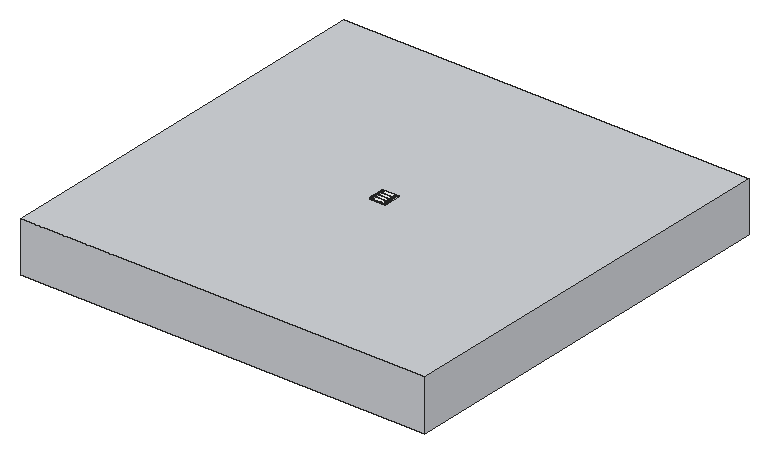
Revit family "Gira_5004028", category Elektroinstallationen, Revit 2017
Family settings
  Basisbauteil = Fläche
  Beschriftungsausrichtung beibehalten = Nein
  Bemaßung runder Anschluss = Durchmesser verwenden
  Teiletyp = Normal
  Beim Laden mit Abzugskörper schneiden = Nein
  Gemeinsam genutzt = Nein
  Raumberechnungspunkt = Nein
Parameters (values of type "KNX Tastsens.4 Komfort 4f TS4 Anthrazit")
  White = White
  Default Elevation = 1219.2 mm
  URL = "https://www.gira.de/"
  Typname = "KNX Tastsens.4 Komfort 4f TS4 Anthrazit"
  Type Comments = ""
  Transparent = no
  Schutzart (IP) = "IP21"
  Produktseite = "https://media.stage.bim.site/t/eyJhbGciOiJIUzI1NiIsInR5cCI6IkpXVCJ9.eyJjdCI6MiwidHUiOiJodHRwOi8va2F0YWxvZy5naXJhLmRlL2RlX0RFL2RhdGVuYmxhdHQuaHRtbD9hcnRpa2VsbnI9NTAwNDAyOCIsImNpZCI6IjMyNzdjYzIzLTgxYTktNGVlMy1hOTBhLWI0N2JiNGMwYjYxNiIsInJpZCI6ImYxZWJlY2I2YTI0MzRjNDhhZTdmMDgyNWMxNjE5MDg1IiwicGlkIjoiMjJjMTk0NDU1MjdkOWE5NTM1YTU5NDdkZmMwZDllNTVjODc4Mzg0YiIsInNpZCI6IjYzNDcwIiwidXQiOjEsImxjIjoiZGUiLCJpYXQiOjE2MDA5NDM2MjAsImlzcyI6Imh0dHBzOi8vYXBpLmxpdmUuYmltLnNpdGUiLCJzdWIiOiJhZG1pbkBiaW1zaXRlLmRldiJ9.MP55i6ylwc3g41xW2uZ3NxS1kLvMBrv25RpVkkjmdEk"
  Montageart = "Unterputz"
  Model = ""
  Mit Raumthermostat = no
  Mit LED-Anzeige = yes
  Mit Infrarotsensor = no
  Mit Display = no
  Mit Diebstahl-/Demontageschutz = yes
  Mit Busankopplung = yes
  Mit Beschriftungsfeld = no
  Kosten = 0
  Hersteller = "Gira"
  HeinzeBIM = "https://www.heinze.de/bim/knx-tastsens-4-komfort-4f-ts4-anthrazit/22c19445527d9a9535a5947dfc0d9e55c878384b"
  HAN = "5004028"
  GTIN = "4010337070849"
  Funk bidirektional = no
  Farbe = "anthrazit"
  Datenblatt 1 = "https://media.stage.bim.site/t/eyJhbGciOiJIUzI1NiIsInR5cCI6IkpXVCJ9.eyJjdCI6MSwidGYiOiJwdWJsaWMvZ2lyYS9hZThjNTU3LzUwMDQwMjgudHh0IiwiY2lkIjoiMzI3N2NjMjMtODFhOS00ZWUzLWE5MGEtYjQ3YmI0YzBiNjE2IiwicmlkIjoiZjFlYmVjYjZhMjQzNGM0OGFlN2YwODI1YzE2MTkwODUiLCJwaWQiOiIyMmMxOTQ0NTUyN2Q5YTk1MzVhNTk0N2RmYzBkOWU1NWM4NzgzODRiIiwic2lkIjoiNjM0NzAiLCJ1dCI6MSwibGMiOiJkZSIsImlhdCI6MTYwMDk0MzYyMCwiaXNzIjoiaHR0cHM6Ly9hcGkubGl2ZS5iaW0uc2l0ZSIsInN1YiI6ImFkbWluQGJpbXNpdGUuZGV2In0.ZiM9DiCCImZr4inOyahr4kVGqlmmcNsGF0AoGVI0JwY/5004028.txt"
  Datenblatt = "https://media.stage.bim.site/t/eyJhbGciOiJIUzI1NiIsInR5cCI6IkpXVCJ9.eyJjdCI6MSwidHUiOiJodHRwczovL2thdGFsb2cuZ2lyYS5kZS9kZV9ERS9kb3dubG9hZC5odG1sP2FydGlrZWxucj01MDA0MDI4IiwiY2lkIjoiMzI3N2NjMjMtODFhOS00ZWUzLWE5MGEtYjQ3YmI0YzBiNjE2IiwicmlkIjoiZjFlYmVjYjZhMjQzNGM0OGFlN2YwODI1YzE2MTkwODUiLCJwaWQiOiIyMmMxOTQ0NTUyN2Q5YTk1MzVhNTk0N2RmYzBkOWU1NWM4NzgzODRiIiwic2lkIjoiNjM0NzAiLCJ1dCI6MSwibGMiOiJkZSIsImlhdCI6MTYwMDk0MzYyMCwiaXNzIjoiaHR0cHM6Ly9hcGkubGl2ZS5iaW0uc2l0ZSIsInN1YiI6ImFkbWluQGJpbXNpdGUuZGV2In0.bqunkFXFZ55o_9PMF4THYER-XGOsAPZRxX8mg81LTjk"
  Bussystem Powernet = no
  Bussystem LON = no
  Bussystem KNX-Funk = no
  Bussystem KNX = yes
  Bussystem Funkbus = no
  Beschreibung = "KNX Tastsensor 4 Komfort 4fach   Anthrazit Merkmale:  Tastsensor mit integriertem Busankoppler und der Möglichkeit einen verdrahteten Fernfühler anzuschließen.  Wippen- oder Tastenfunktion für jede Bedienfläche einstellbar.  Funktionen: Schalten, Dimmen, Jalousie, Wertgeber, Szenennebenstelle, 2-Kanal-Bedienung und Reglernebenstelle.  Schalten: Reaktion beim Drücken und   oder Loslassen, Einschalten, Ausschalten, Umschalten.  Dimmen: Zeiten für kurze und lange Betätigung, Dimmen in verschiedenen Stufen, Telegrammwiederholung bei langer Betätigung, Senden eines Stopptelegramms bei Ende der Betätigung.  Jalousiesteuerung: vier verschiedene Bedienkonzepte mit Zeiten für kurze und lange Betätigung und Lamellenverstellung.  Wertgeberfunktion: Wahl des Wertebereichs, Wert bei Betätigung.  Szenennebenstelle: mit oder ohne Speicherfunktion, Abruf interne Szene mit oder ohne Speicherfunktion.  2-Kanal-Bedienung: Für jede Wippe oder jede Taste kann die Bedienung von zwei unabhängigen Kanälen eingestellt werden. Dadurch können durch einen Tastendruck bis zu zwei Telegramme auf den Bus gesendet werden. Die Kanäle können unabhängig voneinander auf die Funktionen Schalten, Wertgeber oder Szene aufrufen parametriert werden. Reglernebenstelle- Eigenschaften:  Durch die Tastsensorfunktion Reglernebenstelle können externe Raumtemperaturregler angesteuert werden.  Betriebsmodusumschaltung, Zwang-Betriebsmodusumschaltung, Präsenzfunktion und Sollwertverschiebung.  Auswertung des Reglerzustandes über die Status-LED. Funktionen der Status-LED:  Jede Status-LED kann unabhängig zur Bedienfläche parametriert werden.  Die Status-LED können wahlweise rot, grün, blau, gelb, cyan, orange, violett oder weiß leuchten.  Funktionen Status-LED: immer AUS, immer EIN, Betätigungsanzeige, Telegrammquittierung, Statusanzeige, invertierte Statusanzeige, Ansteuerung über separates LED-Objekt, Betriebsmodusanzeige, Anzeige Reglerstatus, Anzeige Präsenzstatus und Anzeige invertierter Präsenzstatus.  Zusätzlich kann für jede Status-LED eine überlagerte Funktion freigegeben werden, wodurch eine andere Farbe und Anzeigeart eingestellt werden kann. Allgemeine Funktionen:  LED Alarmmeldung: Sämtliche LED des Tastsensors können bei einer Alarmmeldung gleichzeitig rot blinken.  LED Orientierungsbeleuchtung: Zur Orientierung können alle LED dauerhaft ausgeschaltet oder eingeschaltet sein, den Status eines separaten Kommunikationsobjekts anzeigen (EIN, AUS, blinken) oder bei einem beliebigen Tastendruck eingeschaltet und nach Ablauf einer Verzögerungszeit automatisch wieder abgeschaltet werden.  LED Nachtabsenkung: Steuerung der Helligkeit aller Status-LED durch ein Kommunikationsobjekt. Dadurch ist beispielsweise das Reduzieren der Helligkeit während der Nachtstunden auf einen in der ETS konfigurierten Wert möglich.  Sperrfunktion zum Sperren von einzelnen Tasten- bzw. Wippen.  Szenenfunktion: Interne Speicherung von bis zu acht Szenen mit acht Ausgangskanälen.  Temperaturmessung: Raumtemperaturmessungen durch internen Fühler, internen und verdrahteten Fernfühler oder internen und externen Fühler.  Raumfeuchtemessung: Messung der Raumfeuchte durch internen Fühler.  Demontageschutz  Updatefähig und vorbereitet für KNX Secure.  Hinweise :  Professionelle Beschriftung über den Gira Beschriftungsservice www.beschriftung.gira.de.  Der Tastsensor wird mit einer programmneutralen Inbetriebnahme-Wippe geliefert. Das passende Wippenset zum Schalterprogramm ist separat zu bestellen."
  Assembly Code = ""
  Keynote = ""
  BIMSITE_PRODUCT_ID = "22c19445527d9a9535a5947dfc0d9e55c878384b"
  BIM = "https://media.stage.bim.site/t/eyJhbGciOiJIUzI1NiIsInR5cCI6IkpXVCJ9.eyJjdCI6MSwidGYiOiJwdWJsaWMvZ2lyYS9hZThjNTU3LzQwXzUwMDQwMCBUUzQgNGZhY2gucmZhIiwiY2lkIjoiMzI3N2NjMjMtODFhOS00ZWUzLWE5MGEtYjQ3YmI0YzBiNjE2IiwicmlkIjoiZjFlYmVjYjZhMjQzNGM0OGFlN2YwODI1YzE2MTkwODUiLCJwaWQiOiIyMmMxOTQ0NTUyN2Q5YTk1MzVhNTk0N2RmYzBkOWU1NWM4NzgzODRiIiwic2lkIjoiNjM0NzAiLCJ1dCI6NSwibGMiOiJkZSIsImlhdCI6MTYwMDk0MzYyMCwiaXNzIjoiaHR0cHM6Ly9hcGkubGl2ZS5iaW0uc2l0ZSIsInN1YiI6ImFkbWluQGJpbXNpdGUuZGV2In0.J9FlYBjJJI0X4zk868TRm85SO8yh0_K3twD3VF4AnN0/40_500400 TS4 4fach.rfa"
  Anzahl der Tasten = 4
  Andere Bussysteme = "ohne"
Reference planes
  plane 1 "Center (Front/Back)": y = 0
  plane 2: z = 0
  plane 3 "Center (Left/Right)": x = 0
Forms (mm)
  Extrusion 1, solid
    sketch origin (0, 0, 0) x (1, 0, 0) y (0, 1, 0)
      loop
        line (-1219.2, 1219.2) -> (-1219.2, -1219.2) -> (1219.2, -1219.2) -> (1219.2, 1219.2) -> (-1219.2, 1219.2)
    from 0 to -304.8
  Extrusion 2, solid, material "White", detail levels fine
    sketch origin (0, 0, 0) x (1, 0, 0) y (0, 1, 0)
      loop
        line (25.45, 35.45) -> (-25.45, 35.45)
        arc (-25.45, 35.45) -> (-32.521, 32.521) -> (-35.45, 25.45) r 10
        line (-35.45, 25.45) -> (-35.45, -25.45)
        arc (-35.45, -25.45) -> (-32.521, -32.521) -> (-25.45, -35.45) r 10
        line (-25.45, -35.45) -> (25.45, -35.45)
        arc (25.45, -35.45) -> (32.521, -32.521) -> (35.45, -25.45) r 10
        line (35.45, -25.45) -> (35.45, 25.45)
        arc (35.45, 25.45) -> (32.521, 32.521) -> (25.45, 35.45) r 10
      loop
        arc (-31.325, 28.496) -> (-31.325, 25.668) -> (-28.496, 25.668) r 2
        line (-28.496, 25.668) -> (-25.668, 28.496)
        arc (-25.668, 28.496) -> (-25.668, 31.325) -> (-28.496, 31.325) r 2
        line (-28.496, 31.325) -> (-31.325, 28.496)
      loop
        arc (-28.496, -31.325) -> (-25.668, -31.325) -> (-25.668, -28.496) r 2
        line (-25.668, -28.496) -> (-28.496, -25.668)
        arc (-28.496, -25.668) -> (-31.325, -25.668) -> (-31.325, -28.496) r 2
        line (-31.325, -28.496) -> (-28.496, -31.325)
      loop
        line (31.325, 28.496) -> (28.496, 31.325)
        arc (28.496, 31.325) -> (25.668, 31.325) -> (25.668, 28.496) r 2
        line (25.668, 28.496) -> (28.496, 25.668)
        arc (28.496, 25.668) -> (31.325, 25.668) -> (31.325, 28.496) r 2
      loop
        line (28.496, -31.325) -> (31.325, -28.496)
        arc (31.325, -28.496) -> (31.325, -25.668) -> (28.496, -25.668) r 2
        line (28.496, -25.668) -> (25.668, -28.496)
        arc (25.668, -28.496) -> (25.668, -31.325) -> (28.496, -31.325) r 2
      loop
        line (-13.39, 22.831) -> (-22.831, 13.39) -> (-22.831, -13.39) -> (-13.39, -22.831) -> (13.39, -22.831) -> (22.831, -13.39) -> (22.831, 13.39) -> (13.39, 22.831) -> (-13.39, 22.831)
      loop
        arc (-1.681, 31.793) -> (-6.669, 29.581) -> (-1.417, 28.102) r 2.9
        arc (-1.417, 28.102) -> (2.178, 28.079) -> (5.741, 27.6) r 28.291
        arc (5.741, 27.6) -> (7.553, 29.282) -> (6.077, 31.265) r 1.851
        arc (6.077, 31.265) -> (2.215, 31.784) -> (-1.681, 31.793) r 29.64
      loop
        arc (1.681, -31.793) -> (6.669, -29.581) -> (1.417, -28.102) r 2.9
        arc (1.417, -28.102) -> (-2.178, -28.079) -> (-5.741, -27.6) r 28.291
        arc (-5.741, -27.6) -> (-7.553, -29.282) -> (-6.077, -31.265) r 1.851
        arc (-6.077, -31.265) -> (-2.215, -31.784) -> (1.681, -31.793) r 29.64
      loop
        arc (-31.793, -1.681) -> (-29.581, -6.669) -> (-28.102, -1.417) r 2.9
        arc (-28.102, -1.417) -> (-28.079, 2.178) -> (-27.6, 5.741) r 28.291
        arc (-27.6, 5.741) -> (-29.282, 7.553) -> (-31.265, 6.077) r 1.851
        arc (-31.265, 6.077) -> (-31.784, 2.215) -> (-31.793, -1.681) r 29.64
      loop
        arc (31.793, 1.681) -> (29.581, 6.669) -> (28.102, 1.417) r 2.9
        arc (28.102, 1.417) -> (28.079, -2.178) -> (27.6, -5.741) r 28.291
        arc (27.6, -5.741) -> (29.282, -7.553) -> (31.265, -6.077) r 1.851
        arc (31.265, -6.077) -> (31.784, -2.215) -> (31.793, 1.681) r 29.64
    from 0 to -1
  Extrusion 3, solid, material "White", detail levels medium+fine
    sketch origin (0, 0, 0) x (1, 0, 0) y (0, 1, 0)
      loop
        line (-22.831, 13.39) -> (-22.831, -13.39) -> (-13.39, -22.831) -> (13.39, -22.831) -> (22.831, -13.39) -> (22.831, 13.39) -> (13.39, 22.831) -> (-13.39, 22.831) -> (-22.831, 13.39)
    from 0 to -15.5
  Extrusion 4, solid, material "White", detail levels medium
    sketch origin (0, 0, 0) x (1, 0, 0) y (0, 1, 0)
      loop
        line (35.45, 35.45) -> (-35.45, 35.45) -> (-35.45, -35.45) -> (35.45, -35.45) -> (35.45, 35.45)
    from 0 to -1
  Extrusion 5, solid, material "White" <- "White", detail levels fine
    sketch origin (0, 0, 0) x (1, 0, 0) y (0, 1, 0)
      loop
        arc (-41.4, 44.4) -> (-43.521, 43.521) -> (-44.4, 41.4) r 3
        line (-44.4, 41.4) -> (-44.4, -41.4)
        arc (-44.4, -41.4) -> (-43.521, -43.521) -> (-41.4, -44.4) r 3
        line (-41.4, -44.4) -> (41.4, -44.4)
        arc (41.4, -44.4) -> (43.521, -43.521) -> (44.4, -41.4) r 3
        line (44.4, -41.4) -> (44.4, 41.4)
        arc (44.4, 41.4) -> (43.521, 43.521) -> (41.4, 44.4) r 3
        line (41.4, 44.4) -> (-41.4, 44.4)
      loop
        arc (-42.4, -41.4) -> (-42.107, -42.107) -> (-41.4, -42.4) r 1
        line (-41.4, -42.4) -> (41.4, -42.4)
        arc (41.4, -42.4) -> (42.107, -42.107) -> (42.4, -41.4) r 1
        line (42.4, -41.4) -> (42.4, 41.4)
        arc (42.4, 41.4) -> (42.107, 42.107) -> (41.4, 42.4) r 1
        line (41.4, 42.4) -> (-41.4, 42.4)
        arc (-41.4, 42.4) -> (-42.107, 42.107) -> (-42.4, 41.4) r 1
        line (-42.4, 41.4) -> (-42.4, -41.4)
    from 0 to 4
  Extrusion 6, solid, material "White" <- "White", detail levels medium
    sketch origin (0, 0, 0) x (1, 0, 0) y (0, 1, 0)
      loop
        line (-44.4, 44.4) -> (-44.4, -44.4) -> (44.4, -44.4) -> (44.4, 44.4) -> (-44.4, 44.4)
    from 0 to 4
  Extrusion 7, solid, material "White" <- "White", detail levels fine
    sketch origin (0, 0, 0) x (1, 0, 0) y (0, 1, 0)
      loop
        line (-46.5, -47.5) -> (46.5, -47.5)
        arc (46.5, -47.5) -> (47.207, -47.207) -> (47.5, -46.5) r 1
        line (47.5, -46.5) -> (47.5, 46.5)
        arc (47.5, 46.5) -> (47.207, 47.207) -> (46.5, 47.5) r 1
        line (46.5, 47.5) -> (-46.5, 47.5)
        arc (-46.5, 47.5) -> (-47.207, 47.207) -> (-47.5, 46.5) r 1
        line (-47.5, 46.5) -> (-47.5, -46.5)
        arc (-47.5, -46.5) -> (-47.207, -47.207) -> (-46.5, -47.5) r 1
    from 4 to 9
  Extrusion 8, solid, material "White" <- "White", detail levels medium
    sketch origin (0, 0, 0) x (1, 0, 0) y (0, 1, 0)
      loop
        line (-47.5, -47.5) -> (47.5, -47.5) -> (47.5, -23.957) -> (-47.5, -23.947) -> (-47.5, -47.5)
      loop
        line (-47.5, -23.647) -> (47.5, -23.657) -> (47.5, -0.2) -> (-47.5, -0.2) -> (-47.5, -23.647)
      loop
        line (-47.5, 47.5) -> (-47.5, 23.947) -> (47.5, 23.957) -> (47.5, 47.5) -> (-47.5, 47.5)
      loop
        line (-47.5, 23.647) -> (-47.5, 0.2) -> (47.5, 0.2) -> (47.5, 23.657) -> (-47.5, 23.647)
    from 4 to 10.7
  Extrusion 9, solid, material "White" <- "White", detail levels fine
    sketch origin (0, 0, 0) x (1, 0, 0) y (0, 1, 0)
      loop
        line (47.5, 24.957) -> (47.5, 46.5)
        arc (47.5, 46.5) -> (47.207, 47.207) -> (46.5, 47.5) r 1
        line (46.5, 47.5) -> (-46.5, 47.5)
        arc (-46.5, 47.5) -> (-47.207, 47.207) -> (-47.5, 46.5) r 1
        line (-47.5, 46.5) -> (-47.5, 24.947)
        arc (-47.5, 24.947) -> (-47.207, 24.24) -> (-46.5, 23.947) r 1
        line (-46.5, 23.947) -> (46.5, 23.957)
        arc (46.5, 23.957) -> (47.207, 24.25) -> (47.5, 24.957) r 1
      loop
        line (-46.5, 0.2) -> (46.5, 0.2)
        arc (46.5, 0.2) -> (47.207, 0.493) -> (47.5, 1.2) r 1
        line (47.5, 1.2) -> (47.5, 22.657)
        arc (47.5, 22.657) -> (47.207, 23.364) -> (46.5, 23.657) r 1
        line (46.5, 23.657) -> (-46.5, 23.647)
        arc (-46.5, 23.647) -> (-47.207, 23.354) -> (-47.5, 22.647) r 1
        line (-47.5, 22.647) -> (-47.5, 1.2)
        arc (-47.5, 1.2) -> (-47.207, 0.493) -> (-46.5, 0.2) r 1
      loop
        arc (47.5, -24.957) -> (47.207, -24.25) -> (46.5, -23.957) r 1
        line (46.5, -23.957) -> (-46.5, -23.947)
        arc (-46.5, -23.947) -> (-47.207, -24.24) -> (-47.5, -24.947) r 1
        line (-47.5, -24.947) -> (-47.5, -46.5)
        arc (-47.5, -46.5) -> (-47.207, -47.207) -> (-46.5, -47.5) r 1
        line (-46.5, -47.5) -> (46.5, -47.5)
        arc (46.5, -47.5) -> (47.207, -47.207) -> (47.5, -46.5) r 1
        line (47.5, -46.5) -> (47.5, -24.957)
      loop
        arc (-46.5, -0.2) -> (-47.207, -0.493) -> (-47.5, -1.2) r 1
        line (-47.5, -1.2) -> (-47.5, -22.647)
        arc (-47.5, -22.647) -> (-47.207, -23.354) -> (-46.5, -23.647) r 1
        line (-46.5, -23.647) -> (46.5, -23.657)
        arc (46.5, -23.657) -> (47.207, -23.364) -> (47.5, -22.657) r 1
        line (47.5, -22.657) -> (47.5, -1.2)
        arc (47.5, -1.2) -> (47.207, -0.493) -> (46.5, -0.2) r 1
        line (46.5, -0.2) -> (-46.5, -0.2)
    from 9.3 to 10.3
  Extrusion 10, solid, material "White" <- "White", detail levels fine
    sketch origin (0, 0, 0) x (1, 0, 0) y (0, 1, 0)
      loop
        line (-37.5, 40.697) -> (-47.5, 40.697) -> (-47.5, 39.897) -> (-37.5, 39.897)
        arc (-37.5, 39.897) -> (-33.3, 35.697) -> (-37.5, 31.497) r 4.2
        line (-37.5, 31.497) -> (-47.5, 31.497) -> (-47.5, 30.697) -> (-37.5, 30.697)
        arc (-37.5, 30.697) -> (-32.5, 35.697) -> (-37.5, 40.697) r 5
      loop
        arc (37.5, 40.697) -> (32.5, 35.697) -> (37.5, 30.697) r 5
        line (37.5, 30.697) -> (47.5, 30.697) -> (47.5, 31.497) -> (37.5, 31.497)
        arc (37.5, 31.497) -> (33.3, 35.697) -> (37.5, 39.897) r 4.2
        line (37.5, 39.897) -> (47.5, 39.897) -> (47.5, 40.697) -> (37.5, 40.697)
      loop
        arc (-37.5, -16.883) -> (-32.5, -11.883) -> (-37.5, -6.883) r 5
        line (-37.5, -6.883) -> (-47.5, -6.883) -> (-47.5, -7.683) -> (-37.5, -7.683)
        arc (-37.5, -7.683) -> (-33.3, -11.883) -> (-37.5, -16.083) r 4.2
        line (-37.5, -16.083) -> (-47.5, -16.083) -> (-47.5, -16.883) -> (-37.5, -16.883)
      loop
        line (37.5, -16.883) -> (47.5, -16.883) -> (47.5, -16.083) -> (37.5, -16.083)
        arc (37.5, -16.083) -> (33.3, -11.883) -> (37.5, -7.683) r 4.2
        line (37.5, -7.683) -> (47.5, -7.683) -> (47.5, -6.883) -> (37.5, -6.883)
        arc (37.5, -6.883) -> (32.5, -11.883) -> (37.5, -16.883) r 5
      loop
        arc (-37.5, -40.697) -> (-32.5, -35.697) -> (-37.5, -30.697) r 5
        line (-37.5, -30.697) -> (-47.5, -30.697) -> (-47.5, -31.497) -> (-37.5, -31.497)
        arc (-37.5, -31.497) -> (-33.3, -35.697) -> (-37.5, -39.897) r 4.2
        line (-37.5, -39.897) -> (-47.5, -39.897) -> (-47.5, -40.697) -> (-37.5, -40.697)
      loop
        line (37.5, -40.697) -> (47.5, -40.697) -> (47.5, -39.897) -> (37.5, -39.897)
        arc (37.5, -39.897) -> (33.3, -35.697) -> (37.5, -31.497) r 4.2
        line (37.5, -31.497) -> (47.5, -31.497) -> (47.5, -30.697) -> (37.5, -30.697)
        arc (37.5, -30.697) -> (32.5, -35.697) -> (37.5, -40.697) r 5
      loop
        line (-37.5, 16.883) -> (-47.5, 16.883) -> (-47.5, 16.083) -> (-37.5, 16.083)
        arc (-37.5, 16.083) -> (-33.3, 11.883) -> (-37.5, 7.683) r 4.2
        line (-37.5, 7.683) -> (-47.5, 7.683) -> (-47.5, 6.883) -> (-37.5, 6.883)
        arc (-37.5, 6.883) -> (-32.5, 11.883) -> (-37.5, 16.883) r 5
      loop
        arc (37.5, 16.883) -> (32.5, 11.883) -> (37.5, 6.883) r 5
        line (37.5, 6.883) -> (47.5, 6.883) -> (47.5, 7.683) -> (37.5, 7.683)
        arc (37.5, 7.683) -> (33.3, 11.883) -> (37.5, 16.083) r 4.2
        line (37.5, 16.083) -> (47.5, 16.083) -> (47.5, 16.883) -> (37.5, 16.883)
    from 9.5 to 10.7
  Extrusion 11, solid, material "White" <- "White", detail levels coarse
    sketch origin (0, 0, 0) x (1, 0, 0) y (0, 1, 0)
      loop
        line (-47.5, -47.5) -> (47.5, -47.5) -> (47.5, 47.5) -> (-47.5, 47.5) -> (-47.5, -47.5)
    from -15.4 to 10.7
Lines and regions (mm)
  reference lines
    curve 1: line (0, 47.5, 0) -> (0, -47.5, 0)
    curve 2: line (-47.5, 0, 0) -> (47.5, 0, 0)
Dimensions and locks
  aligned and locked: plane 2 to Extrusion 1
  aligned and locked: level to Extrusion 1
Connectors
  electrical at (0, 0, -15.5)
    settings: on Extrusion 3, index 1, voltage 220 V, apparent load 0 VA, apparent load phase1 0 VA, apparent load phase2 0 VA, apparent load phase3 0 VA, power factor 1, load classification "Other", number of poles 1, system type 31, power factor state 1, is connector primary yes, connector utility no, sub classification motor no, connector description ""
